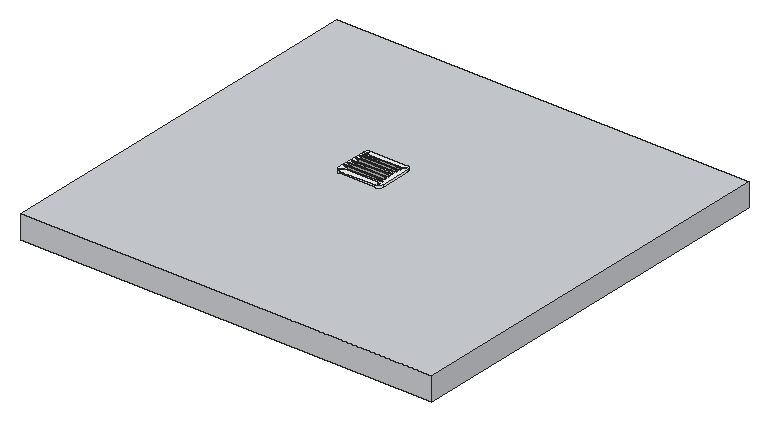
Revit family "111110005403001", category Modelos genéricos, Revit 2018
Family settings
  Anfitrión = Cara
  Puede alojar armadura = No
  Cota de conector redondo = Diámetro de uso
  Tipo de pieza = Normal
  Corte con vacíos al cargar = No
  Compartido = No
  Punto de cálculo de habitación = No
Parameters (values of type "CELOSIA PLANA PP 14X12.5CM BLANCO")
  Ventajas = ""
  Uso = "Se utiliza como sistema de ventilación en Puertas, Shaft, Muro y Tina"
  Url Ficha tecnica = "https://empresascnp.cl/wp-content/uploads//pdf/ficha-tecnica-celosia-plana-pp-14x12-5cm-blanco.pdf"
  Unidad = "Cajas de 50 Unidades"
  URL = "https://www.empresascnp.cl/"
  Num SKUs = "111110005403001"
  Nombre SKU = "CELOSIA PLANA PP 14X12.5CM BLANCO"
  Model = "CELOSIA PLANA"
  Material = PP Blanco
  Largo = 140.00 mm
  Espesor = 1.00 mm
  Empresa = "CNP SPA."
  Elevación por defecto = 1000.00 mm
  Dureza = ""
  Dimension = 125.00 mm
  Description = ""
  Assembly Code = ""
  Contacto = "info@empresascnp.cl"
  Color = "Blanco"
  Aplicacion = ""
Reference planes
  plane 1: z = 0
  plane 2 "level above": z = 15
  plane 3 "level below": z = -50
  plane 4 "izq": x = -176.738
  plane 5: y = 105.02
  plane 6: y = 42.52
  plane 7: y = 52.52
  plane 8: y = 32.52
  plane 9: x = -106.738
  plane 10: x = -96.738
  plane 11: x = -116.738
  plane 12: y = -19.98
  plane 13 "2": x = -36.738
  plane 14: y = 92.939
  plane 15: x = -164.656
Forms (mm)
  Extrusion 1, solid
    sketch origin (0, 0, 0) x (1, 0, 0) y (0, 1, 0)
      loop
        line (-644.525, 571.5) -> (-644.525, -666.75) -> (644.525, -666.75) -> (644.525, 571.5) -> (-644.525, 571.5)
    from 0 to -72.672
  Revolve 2, void, not visible
    sketch origin (-150.829, 0, 5) x (-1, 0, 0) y (0, 1, 0)
      loop
        line (-149.164, 92.939) -> (-149.164, 94.562) -> (-184.164, 94.562) -> (-184.164, 77.939) -> (-164.164, 77.939)
        arc (-164.164, 77.939) -> (-159.771, 88.545) -> (-149.164, 92.939) r 15
      axis (-149.164, 94.562) -> (-149.164, 77.939)
    angle from 0 to -90
  Extrusion 3, solid, not visible
    sketch origin (-176.738, 0, 5) x (0, 1, 0) y (0, 0, 1)
      loop
        line (77.939, 15) -> (77.939, 0) -> (92.939, 0)
        arc (92.939, 0) -> (88.545, 10.607) -> (77.939, 15) r 15
    from 12.574 to 190.074
  Revolve 4, void, not visible
    sketch origin (0, 0, 5) x (1, 0, 0) y (0, 1, 0)
      loop
        line (-149.164, 92.939) -> (-149.164, 94.493) -> (-184.164, 94.493) -> (-184.164, 77.939) -> (-164.164, 77.939)
        arc (-164.164, 77.939) -> (-159.771, 88.545) -> (-149.164, 92.939) r 15
      axis (-149.164, 94.493) -> (-149.164, 77.939)
    angle from 0 to -90
  Extrusion 5, solid, material "PP Blanco" <- "Material"
    sketch origin (0, 34.465, 57.925) x (1, 0, 0) y (0, 0.659911, -0.751344)
      loop
        line (-160.906, 77.313) -> (-160.906, 55.313) -> (-52.57, 55.313) -> (-52.57, 77.313) -> (-160.906, 77.313)
    from 0 to 1
  Extrusion 6, solid, material "PP Blanco" <- "Material"
    sketch origin (30, 0, -15) x (1, 0, 0) y (0, 1, 0)
      loop
        arc (-191.738, 105.02) -> (-202.345, 100.627) -> (-206.738, 90.02) r 15
        line (-206.738, 90.02) -> (-206.738, -4.98)
        arc (-206.738, -4.98) -> (-202.345, -15.586) -> (-191.738, -19.98) r 15
        line (-191.738, -19.98) -> (-81.738, -19.98)
        arc (-81.738, -19.98) -> (-71.132, -15.586) -> (-66.738, -4.98) r 15
        line (-66.738, -4.98) -> (-66.738, 90.02)
        arc (-66.738, 90.02) -> (-71.132, 100.627) -> (-81.738, 105.02) r 15
        line (-81.738, 105.02) -> (-191.738, 105.02)
      loop
        circle (-195.906, 94.189) r 3
      loop
        circle (-77.57, 94.189) r 3
      loop
        circle (-195.906, -9.148) r 3
      loop
        circle (-77.57, -9.148) r 3
      loop
        line (-190.906, 89.189) -> (-190.906, -4.148) -> (-82.57, -4.148) -> (-82.57, 89.189) -> (-190.906, 89.189)
    from 15 to 20
  Extrusion 7, solid, material "PP Blanco" <- "Material"
    sketch origin (0, -40.535, 57.925) x (1, 0, 0) y (0, 0.659911, -0.751344)
      loop
        line (-160.906, 77.313) -> (-160.906, 55.313) -> (-52.57, 55.313) -> (-52.57, 77.313) -> (-160.906, 77.313)
    from 0 to 1
  Extrusion 8, solid, material "PP Blanco" <- "Material"
    sketch origin (0, 19.465, 57.925) x (1, 0, 0) y (0, 0.659911, -0.751344)
      loop
        line (-160.906, 77.313) -> (-160.906, 55.313) -> (-52.57, 55.313) -> (-52.57, 77.313) -> (-160.906, 77.313)
    from 0 to 1
  Extrusion 9, solid, material "PP Blanco" <- "Material"
    sketch origin (0, 4.465, 57.925) x (1, 0, 0) y (0, 0.659911, -0.751344)
      loop
        line (-160.906, 77.313) -> (-160.906, 55.313) -> (-52.57, 55.313) -> (-52.57, 77.313) -> (-160.906, 77.313)
    from 0 to 1
  Extrusion 10, solid, material "PP Blanco" <- "Material"
    sketch origin (0, -10.535, 57.925) x (1, 0, 0) y (0, 0.659911, -0.751344)
      loop
        line (-160.906, 77.313) -> (-160.906, 55.313) -> (-52.57, 55.313) -> (-52.57, 77.313) -> (-160.906, 77.313)
    from 0 to 1
  Extrusion 11, solid, material "PP Blanco" <- "Material"
    sketch origin (0, -25.535, 57.925) x (1, 0, 0) y (0, 0.659911, -0.751344)
      loop
        line (-160.906, 77.313) -> (-160.906, 55.313) -> (-52.57, 55.313) -> (-52.57, 77.313) -> (-160.906, 77.313)
    from 0 to 1
Lines and regions (mm)
  model lines, not visible
    curve 1: line (-164.164, 92.939, 0) -> (13.336, 92.939, 0)
    curve 2: line (13.336, 92.939, 0) -> (13.336, 77.939, 0)
    curve 3: line (13.336, 77.939, 0) -> (-164.164, 77.939, 0)
    curve 4: line (-164.164, 77.939, 0) -> (-164.164, 92.939, 0)
Dimensions and locks
  locked: plane 2 "level above" to level at 15
  locked: level to plane 3 "level below" at 50
  equal spacing: plane 12, plane 6, plane 5
  equal spacing: plane 7, plane 6, plane 8, locked at 10 each
  equal spacing: plane 4 "izq", plane 9, plane 13 "2"
  plane 11 to plane 9 to plane 10 = 10.00 mm locked, 10.00 mm locked
  equal spacing: group 3, group 5, group 6, group 7, group 8, group 4  (x2)
  equal spacing: group 4, group 8, group 7, group 6, group 5, group 3
  aligned and locked: plane 1 to Extrusion 1
  aligned and locked: level to Extrusion 1
Automatic sketch dimensions
  Extrusion 1 sketch curve to Extrusion 1 sketch curve = 1289.05 mm
  Extrusion 1 sketch curve to Extrusion 1 sketch curve = 1238.25 mm
  Extrusion 6 sketch curve to plane 13 "2" = 140.00 mm
  Extrusion 6 sketch curve to Extrusion 6 sketch curve = 4.168 mm  (x8)
  Extrusion 6 sketch curve to Extrusion 6 sketch curve = 0.832 mm  (x7)
  plane 5 to Extrusion 6 sketch curve = 125.00 mm
  plane 5 to Extrusion 6 sketch curve = 0.00 mm
  Extrusion 6 sketch curve to plane 13 "2" = 0.00 mm
  plane 14 to Extrusion 6 sketch curve = 3.75 mm
  Extrusion 5 sketch curve to Extrusion 5 sketch curve = 108.336 mm
  Extrusion 5 sketch curve to Extrusion 5 sketch curve = 22.00 mm
  Extrusion 7 sketch curve to Extrusion 7 sketch curve = 108.336 mm
  Extrusion 7 sketch curve to Extrusion 7 sketch curve = 22.00 mm
  Extrusion 8 sketch curve to Extrusion 8 sketch curve = 108.336 mm
  Extrusion 8 sketch curve to Extrusion 8 sketch curve = 22.00 mm
  Extrusion 9 sketch curve to Extrusion 9 sketch curve = 108.336 mm
  Extrusion 9 sketch curve to Extrusion 9 sketch curve = 22.00 mm
  Extrusion 10 sketch curve to Extrusion 10 sketch curve = 108.336 mm
  Extrusion 10 sketch curve to Extrusion 10 sketch curve = 22.00 mm
  Extrusion 11 sketch curve to Extrusion 11 sketch curve = 108.336 mm
  Extrusion 11 sketch curve to Extrusion 11 sketch curve = 22.00 mm
  radius of Extrusion 6 sketch curve = 3.00 mm  (x4)
